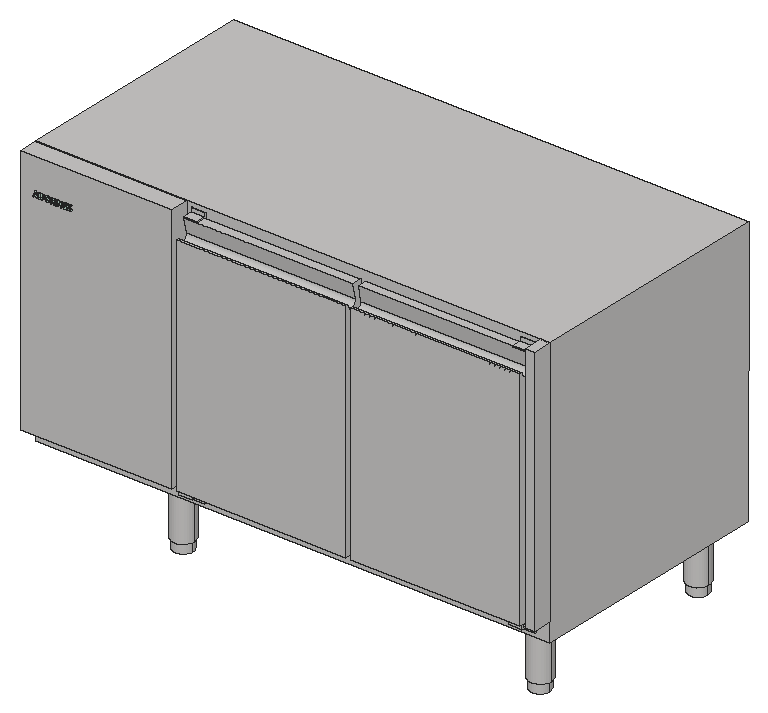
Revit family "QF_ALPENINOX_712195_AK2F7AA", category Specialty Equipment, Revit 2018 (continued)
Definition of nested family "APX_BI_BT_L"
  Automatic sketch dimensions
    Extrusion 4 sketch curve to Extrusion 4 sketch curve = 0.352 mm  (x2)
    Extrusion 4 sketch curve to Extrusion 4 sketch curve = 0.597 mm
    Extrusion 4 sketch curve to Extrusion 4 sketch curve = 2.288 mm  (x2)
    Extrusion 4 sketch curve to Extrusion 4 sketch curve = 0.533 mm  (x4)
    Extrusion 4 sketch curve to Extrusion 4 sketch curve = 0.732 mm
    Extrusion 4 sketch curve to Extrusion 4 sketch curve = 0.14 mm  (x4)
    Extrusion 4 sketch curve to Extrusion 4 sketch curve = 0.075 mm
    Extrusion 4 sketch curve to Extrusion 4 sketch curve = 0.31 mm  (x2)
    Extrusion 4 sketch curve to Extrusion 4 sketch curve = 0.473 mm
    Extrusion 4 sketch curve to Extrusion 4 sketch curve = 0.171 mm
    Extrusion 4 sketch curve to Extrusion 4 sketch curve = 0.674 mm
    Extrusion 4 sketch curve to Extrusion 4 sketch curve = 1.992 mm
    Extrusion 4 sketch curve to Extrusion 4 sketch curve = 5.4 mm
    Extrusion 4 sketch curve to Extrusion 4 sketch curve = 3.473 mm  (x2)
    Extrusion 4 sketch curve to Extrusion 4 sketch curve = 2.32 mm
    Extrusion 4 sketch curve to Extrusion 4 sketch curve = 2.431 mm
    Extrusion 4 sketch curve to Extrusion 4 sketch curve = 1.177 mm
    Extrusion 4 sketch curve to Extrusion 4 sketch curve = 0.966 mm
    Extrusion 4 sketch curve to Extrusion 4 sketch curve = 2.544 mm
    Extrusion 4 sketch curve to Extrusion 4 sketch curve = 0.346 mm
    Extrusion 4 sketch curve to Extrusion 4 sketch curve = 0.037 mm
    Extrusion 4 sketch curve to Extrusion 4 sketch curve = 2.58 mm  (x2)
    Extrusion 4 sketch curve to Extrusion 4 sketch curve = 0.793 mm  (x2)
    Extrusion 4 sketch curve to Extrusion 4 sketch curve = 0.276 mm
    Extrusion 4 sketch curve to Extrusion 4 sketch curve = 3.452 mm  (x2)
    Extrusion 4 sketch curve to Extrusion 4 sketch curve = 1.238 mm
    Extrusion 4 sketch curve to Extrusion 4 sketch curve = 3.023 mm
    Extrusion 4 sketch curve to Extrusion 4 sketch curve = 0.834 mm  (x2)
    Extrusion 4 sketch curve to Extrusion 4 sketch curve = 0.529 mm
    Extrusion 4 sketch curve to Extrusion 4 sketch curve = 0.823 mm  (x2)
    Extrusion 4 sketch curve to Extrusion 4 sketch curve = 0.947 mm
    Extrusion 4 sketch curve to Extrusion 4 sketch curve = 3.837 mm
    Extrusion 4 sketch curve to Extrusion 4 sketch curve = 0.623 mm
    Extrusion 4 sketch curve to Extrusion 4 sketch curve = 1.082 mm
    Extrusion 4 sketch curve to Extrusion 4 sketch curve = 0.801 mm
    Extrusion 4 sketch curve to Extrusion 4 sketch curve = 1 mm
    Extrusion 4 sketch curve to Extrusion 4 sketch curve = 0.089 mm
    Extrusion 4 sketch curve to Extrusion 4 sketch curve = 4.257 mm
    Extrusion 4 sketch curve to Extrusion 4 sketch curve = 4.345 mm  (x2)
    Extrusion 4 sketch curve to Extrusion 4 sketch curve = 2.576 mm
    Extrusion 4 sketch curve to Extrusion 4 sketch curve = 1.385 mm  (x4)
    Extrusion 4 sketch curve to Extrusion 4 sketch curve = 2.133 mm  (x4)
    Extrusion 4 sketch curve to Extrusion 4 sketch curve = 3.518 mm
    Extrusion 4 sketch curve to Extrusion 4 sketch curve = 3.032 mm
    Split face 198 sketch curve to Extrusion 2 = 0 mm  (x2)
    Split face 198 sketch curve to Extrusion 2 = 34 mm
    Split face 198 sketch curve to Extrusion 2 = 104 mm
    Split face 198 sketch curve to Split face 198 sketch curve = 17.5 mm
    Split face 134 sketch curve to Extrusion 2 = 135.544 mm
    Split face 134 sketch curve to Extrusion 2 = 128.176 mm
    Split face 135 sketch curve to Extrusion 2 = 80.544 mm
    Split face 135 sketch curve to Extrusion 2 = 128.176 mm
    Split face 136 sketch curve to Extrusion 2 = 135.544 mm
    Split face 136 sketch curve to Extrusion 2 = 140.176 mm
    Split face 137 sketch curve to Extrusion 2 = 80.544 mm
    Split face 137 sketch curve to Extrusion 2 = 140.176 mm
    Split face 138 sketch curve to Extrusion 2 = 135.544 mm
    Split face 138 sketch curve to Extrusion 2 = 152.176 mm
    Split face 139 sketch curve to Extrusion 2 = 80.544 mm
    Split face 139 sketch curve to Extrusion 2 = 152.176 mm
    Split face 140 sketch curve to Extrusion 2 = 135.544 mm
    Split face 140 sketch curve to Extrusion 2 = 164.176 mm
    Split face 141 sketch curve to Extrusion 2 = 80.544 mm
    Split face 141 sketch curve to Extrusion 2 = 164.176 mm
    Split face 142 sketch curve to Extrusion 2 = 135.544 mm
    Split face 142 sketch curve to Extrusion 2 = 176.176 mm
    Split face 143 sketch curve to Extrusion 2 = 80.544 mm
    Split face 143 sketch curve to Extrusion 2 = 176.176 mm
    Split face 144 sketch curve to Extrusion 2 = 135.544 mm
    Split face 144 sketch curve to Extrusion 2 = 188.176 mm
    Split face 145 sketch curve to Extrusion 2 = 80.544 mm
    Split face 145 sketch curve to Extrusion 2 = 188.176 mm
    Split face 146 sketch curve to Extrusion 2 = 135.544 mm
    Split face 146 sketch curve to Extrusion 2 = 200.176 mm
    Split face 147 sketch curve to Extrusion 2 = 80.544 mm
    Split face 147 sketch curve to Extrusion 2 = 200.176 mm
    Split face 148 sketch curve to Extrusion 2 = 135.544 mm
    Split face 148 sketch curve to Extrusion 2 = 212.176 mm
    Split face 149 sketch curve to Extrusion 2 = 80.544 mm
    Split face 149 sketch curve to Extrusion 2 = 212.176 mm
    Split face 150 sketch curve to Extrusion 2 = 135.544 mm
    Split face 150 sketch curve to Extrusion 2 = 224.176 mm
    Split face 151 sketch curve to Extrusion 2 = 80.544 mm
    Split face 151 sketch curve to Extrusion 2 = 224.176 mm
    Split face 152 sketch curve to Extrusion 2 = 135.544 mm
    Split face 152 sketch curve to Extrusion 2 = 236.176 mm
    Split face 153 sketch curve to Extrusion 2 = 80.544 mm
    Split face 153 sketch curve to Extrusion 2 = 236.176 mm
    Split face 154 sketch curve to Extrusion 2 = 135.544 mm
    Split face 154 sketch curve to Extrusion 2 = 248.176 mm
    Split face 155 sketch curve to Extrusion 2 = 80.544 mm
    Split face 155 sketch curve to Extrusion 2 = 248.176 mm
    Split face 156 sketch curve to Extrusion 2 = 135.544 mm
    Split face 156 sketch curve to Extrusion 2 = 260.176 mm
    Split face 157 sketch curve to Extrusion 2 = 80.544 mm
    Split face 157 sketch curve to Extrusion 2 = 260.176 mm
    Split face 158 sketch curve to Extrusion 2 = 135.544 mm
    Split face 158 sketch curve to Extrusion 2 = 272.176 mm
    Split face 159 sketch curve to Extrusion 2 = 80.544 mm
    Split face 159 sketch curve to Extrusion 2 = 272.176 mm
    Split face 160 sketch curve to Extrusion 2 = 135.544 mm
    Split face 160 sketch curve to Extrusion 2 = 284.176 mm
    Split face 161 sketch curve to Extrusion 2 = 80.544 mm
    Split face 161 sketch curve to Extrusion 2 = 284.176 mm
    Split face 162 sketch curve to Extrusion 2 = 135.544 mm
    Split face 162 sketch curve to Extrusion 2 = 296.176 mm
    Split face 163 sketch curve to Extrusion 2 = 80.544 mm
    Split face 163 sketch curve to Extrusion 2 = 296.176 mm
    Split face 164 sketch curve to Extrusion 2 = 135.544 mm
    Split face 164 sketch curve to Extrusion 2 = 308.176 mm
    Split face 165 sketch curve to Extrusion 2 = 80.544 mm
    Split face 165 sketch curve to Extrusion 2 = 308.176 mm
    Split face 166 sketch curve to Extrusion 2 = 135.544 mm
    Split face 166 sketch curve to Extrusion 2 = 192.174 mm
    Split face 167 sketch curve to Extrusion 2 = 80.544 mm
    Split face 167 sketch curve to Extrusion 2 = 192.174 mm
    Split face 168 sketch curve to Extrusion 2 = 135.544 mm
    Split face 168 sketch curve to Extrusion 2 = 180.174 mm
    Split face 169 sketch curve to Extrusion 2 = 80.544 mm
    Split face 169 sketch curve to Extrusion 2 = 180.174 mm
    Split face 170 sketch curve to Extrusion 2 = 135.544 mm
    Split face 170 sketch curve to Extrusion 2 = 168.174 mm
    Split face 171 sketch curve to Extrusion 2 = 80.544 mm
    Split face 171 sketch curve to Extrusion 2 = 168.174 mm
    Split face 172 sketch curve to Extrusion 2 = 135.544 mm
    Split face 172 sketch curve to Extrusion 2 = 156.174 mm
    Split face 173 sketch curve to Extrusion 2 = 80.544 mm
    Split face 173 sketch curve to Extrusion 2 = 156.174 mm
    Split face 174 sketch curve to Extrusion 2 = 135.544 mm
    Split face 174 sketch curve to Extrusion 2 = 144.174 mm
    Split face 175 sketch curve to Extrusion 2 = 80.544 mm
    Split face 175 sketch curve to Extrusion 2 = 144.174 mm
    Split face 176 sketch curve to Extrusion 2 = 135.544 mm
    Split face 176 sketch curve to Extrusion 2 = 132.174 mm
    Split face 177 sketch curve to Extrusion 2 = 80.544 mm
    Split face 177 sketch curve to Extrusion 2 = 132.174 mm
    Split face 178 sketch curve to Extrusion 2 = 135.544 mm
    Split face 178 sketch curve to Extrusion 2 = 120.174 mm
    Split face 179 sketch curve to Extrusion 2 = 80.544 mm
    Split face 179 sketch curve to Extrusion 2 = 120.174 mm
    Split face 180 sketch curve to Extrusion 2 = 135.544 mm
    Split face 180 sketch curve to Extrusion 2 = 108.174 mm
    Split face 181 sketch curve to Extrusion 2 = 80.544 mm
    Split face 181 sketch curve to Extrusion 2 = 108.174 mm
    Split face 182 sketch curve to Extrusion 2 = 135.544 mm
    Split face 182 sketch curve to Extrusion 2 = 96.174 mm
    Split face 183 sketch curve to Extrusion 2 = 80.544 mm
    Split face 183 sketch curve to Extrusion 2 = 96.174 mm
    Split face 184 sketch curve to Extrusion 2 = 135.544 mm
    Split face 184 sketch curve to Extrusion 2 = 84.174 mm
    Split face 185 sketch curve to Extrusion 2 = 80.544 mm
    Split face 185 sketch curve to Extrusion 2 = 84.174 mm
    Split face 186 sketch curve to Extrusion 2 = 135.544 mm
    Split face 186 sketch curve to Extrusion 2 = 72.174 mm
    Split face 187 sketch curve to Extrusion 2 = 80.544 mm
    Split face 187 sketch curve to Extrusion 2 = 72.174 mm
    Split face 188 sketch curve to Extrusion 2 = 135.544 mm
    Split face 188 sketch curve to Extrusion 2 = 60.174 mm
    Split face 189 sketch curve to Extrusion 2 = 80.544 mm
    Split face 189 sketch curve to Extrusion 2 = 60.174 mm
    Split face 190 sketch curve to Extrusion 2 = 56.174 mm
    Split face 190 sketch curve to Extrusion 2 = 135.544 mm
    Split face 191 sketch curve to Extrusion 2 = 80.544 mm
    Split face 191 sketch curve to Extrusion 2 = 48.174 mm
    Split face 192 sketch curve to Extrusion 2 = 44.174 mm
    Split face 192 sketch curve to Extrusion 2 = 135.544 mm
    Split face 193 sketch curve to Extrusion 2 = 80.544 mm
    Split face 193 sketch curve to Extrusion 2 = 36.174 mm
    Split face 194 sketch curve to Extrusion 2 = 32.174 mm
    Split face 194 sketch curve to Extrusion 2 = 135.544 mm
    Split face 195 sketch curve to Extrusion 2 = 32.174 mm
    Split face 195 sketch curve to Extrusion 2 = 80.544 mm
    Split face 196 sketch curve to Extrusion 2 = 20.174 mm
    Split face 196 sketch curve to Extrusion 2 = 135.544 mm
    Split face 197 sketch curve to Extrusion 2 = 20.174 mm
    Split face 197 sketch curve to Extrusion 2 = 80.544 mm
    Split face 4 sketch curve to Extrusion 2 = 38.456 mm
    Split face 4 sketch curve to Extrusion 2 = 128.176 mm
    Split face 5 sketch curve to Extrusion 2 = 190.544 mm
    Split face 5 sketch curve to Extrusion 2 = 128.176 mm
    Split face 6 sketch curve to Extrusion 2 = 93.456 mm
    Split face 6 sketch curve to Extrusion 2 = 128.176 mm
    Split face 7 sketch curve to Extrusion 2 = 148.456 mm
    Split face 7 sketch curve to Extrusion 2 = 128.176 mm
    Split face 9 sketch curve to Extrusion 2 = 38.456 mm
    Split face 9 sketch curve to Extrusion 2 = 140.176 mm
    Split face 10 sketch curve to Extrusion 2 = 190.544 mm
    Split face 10 sketch curve to Extrusion 2 = 140.176 mm
    Split face 11 sketch curve to Extrusion 2 = 93.456 mm
    Split face 11 sketch curve to Extrusion 2 = 140.176 mm
    Split face 12 sketch curve to Extrusion 2 = 148.456 mm
    Split face 12 sketch curve to Extrusion 2 = 140.176 mm
    Split face 13 sketch curve to Extrusion 2 = 38.456 mm
    Split face 13 sketch curve to Extrusion 2 = 152.176 mm
    Split face 14 sketch curve to Extrusion 2 = 190.544 mm
    Split face 14 sketch curve to Extrusion 2 = 152.176 mm
    Split face 15 sketch curve to Extrusion 2 = 93.456 mm
    Split face 15 sketch curve to Extrusion 2 = 152.176 mm
    Split face 16 sketch curve to Extrusion 2 = 148.456 mm
    Split face 16 sketch curve to Extrusion 2 = 152.176 mm
    Split face 17 sketch curve to Extrusion 2 = 38.456 mm
    Split face 17 sketch curve to Extrusion 2 = 164.176 mm
    Split face 18 sketch curve to Extrusion 2 = 190.544 mm
    Split face 18 sketch curve to Extrusion 2 = 164.176 mm
    Split face 19 sketch curve to Extrusion 2 = 93.456 mm
    Split face 19 sketch curve to Extrusion 2 = 164.176 mm
    Split face 20 sketch curve to Extrusion 2 = 148.456 mm
    Split face 20 sketch curve to Extrusion 2 = 164.176 mm
    Split face 21 sketch curve to Extrusion 2 = 38.456 mm
    Split face 21 sketch curve to Extrusion 2 = 176.176 mm
    Split face 22 sketch curve to Extrusion 2 = 190.544 mm
    Split face 22 sketch curve to Extrusion 2 = 176.176 mm
    Split face 23 sketch curve to Extrusion 2 = 93.456 mm
    Split face 23 sketch curve to Extrusion 2 = 176.176 mm
    Split face 24 sketch curve to Extrusion 2 = 148.456 mm
    Split face 24 sketch curve to Extrusion 2 = 176.176 mm
    Split face 25 sketch curve to Extrusion 2 = 38.456 mm
    Split face 25 sketch curve to Extrusion 2 = 188.176 mm
    Split face 26 sketch curve to Extrusion 2 = 190.544 mm
    Split face 26 sketch curve to Extrusion 2 = 188.176 mm
    Split face 27 sketch curve to Extrusion 2 = 93.456 mm
    Split face 27 sketch curve to Extrusion 2 = 188.176 mm
    Split face 28 sketch curve to Extrusion 2 = 148.456 mm
    Split face 28 sketch curve to Extrusion 2 = 188.176 mm
    Split face 29 sketch curve to Extrusion 2 = 38.456 mm
    Split face 29 sketch curve to Extrusion 2 = 200.176 mm
    Split face 30 sketch curve to Extrusion 2 = 190.544 mm
    Split face 30 sketch curve to Extrusion 2 = 200.176 mm
    Split face 31 sketch curve to Extrusion 2 = 93.456 mm
    Split face 31 sketch curve to Extrusion 2 = 200.176 mm
    Split face 32 sketch curve to Extrusion 2 = 148.456 mm
    Split face 32 sketch curve to Extrusion 2 = 200.176 mm
    Split face 33 sketch curve to Extrusion 2 = 38.456 mm
    Split face 33 sketch curve to Extrusion 2 = 212.176 mm
    Split face 34 sketch curve to Extrusion 2 = 190.544 mm
    Split face 34 sketch curve to Extrusion 2 = 212.176 mm
    Split face 35 sketch curve to Extrusion 2 = 93.456 mm
    Split face 35 sketch curve to Extrusion 2 = 212.176 mm
    Split face 36 sketch curve to Extrusion 2 = 148.456 mm
    Split face 36 sketch curve to Extrusion 2 = 212.176 mm
    Split face 37 sketch curve to Extrusion 2 = 38.456 mm
    Split face 37 sketch curve to Extrusion 2 = 224.176 mm
    Split face 38 sketch curve to Extrusion 2 = 190.544 mm
    Split face 38 sketch curve to Extrusion 2 = 224.176 mm
    Split face 39 sketch curve to Extrusion 2 = 93.456 mm
    Split face 39 sketch curve to Extrusion 2 = 224.176 mm
    Split face 40 sketch curve to Extrusion 2 = 148.456 mm
    Split face 40 sketch curve to Extrusion 2 = 224.176 mm
    Split face 41 sketch curve to Extrusion 2 = 38.456 mm
    Split face 41 sketch curve to Extrusion 2 = 236.176 mm
    Split face 42 sketch curve to Extrusion 2 = 190.544 mm
    Split face 42 sketch curve to Extrusion 2 = 236.176 mm
    Split face 43 sketch curve to Extrusion 2 = 93.456 mm
    Split face 43 sketch curve to Extrusion 2 = 236.176 mm
    Split face 44 sketch curve to Extrusion 2 = 148.456 mm
    Split face 44 sketch curve to Extrusion 2 = 236.176 mm
    Split face 45 sketch curve to Extrusion 2 = 38.456 mm
    Split face 45 sketch curve to Extrusion 2 = 248.176 mm
    Split face 46 sketch curve to Extrusion 2 = 190.544 mm
    Split face 46 sketch curve to Extrusion 2 = 248.176 mm
    Split face 47 sketch curve to Extrusion 2 = 93.456 mm
    Split face 47 sketch curve to Extrusion 2 = 248.176 mm
    Split face 48 sketch curve to Extrusion 2 = 148.456 mm
    Split face 48 sketch curve to Extrusion 2 = 248.176 mm
    Split face 49 sketch curve to Extrusion 2 = 38.456 mm
    Split face 49 sketch curve to Extrusion 2 = 260.176 mm
    Split face 50 sketch curve to Extrusion 2 = 190.544 mm
    Split face 50 sketch curve to Extrusion 2 = 260.176 mm
    Split face 51 sketch curve to Extrusion 2 = 93.456 mm
    Split face 51 sketch curve to Extrusion 2 = 260.176 mm
    Split face 52 sketch curve to Extrusion 2 = 148.456 mm
    Split face 52 sketch curve to Extrusion 2 = 260.176 mm
    Split face 53 sketch curve to Extrusion 2 = 38.456 mm
    Split face 53 sketch curve to Extrusion 2 = 272.176 mm
    Split face 54 sketch curve to Extrusion 2 = 190.544 mm
    Split face 54 sketch curve to Extrusion 2 = 272.176 mm
    Split face 55 sketch curve to Extrusion 2 = 93.456 mm
    Split face 55 sketch curve to Extrusion 2 = 272.176 mm
    Split face 56 sketch curve to Extrusion 2 = 148.456 mm
    Split face 56 sketch curve to Extrusion 2 = 272.176 mm
    Split face 57 sketch curve to Extrusion 2 = 38.456 mm
    Split face 57 sketch curve to Extrusion 2 = 284.176 mm
    Split face 58 sketch curve to Extrusion 2 = 190.544 mm
    Split face 58 sketch curve to Extrusion 2 = 284.176 mm
    Split face 59 sketch curve to Extrusion 2 = 93.456 mm
    Split face 59 sketch curve to Extrusion 2 = 284.176 mm
    Split face 60 sketch curve to Extrusion 2 = 148.456 mm
    Split face 60 sketch curve to Extrusion 2 = 284.176 mm
    Split face 61 sketch curve to Extrusion 2 = 38.456 mm
    Split face 61 sketch curve to Extrusion 2 = 296.176 mm
    Split face 62 sketch curve to Extrusion 2 = 190.544 mm
    Split face 62 sketch curve to Extrusion 2 = 296.176 mm
    Split face 63 sketch curve to Extrusion 2 = 93.456 mm
    Split face 63 sketch curve to Extrusion 2 = 296.176 mm
    Split face 64 sketch curve to Extrusion 2 = 148.456 mm
    Split face 64 sketch curve to Extrusion 2 = 296.176 mm
    Split face 65 sketch curve to Extrusion 2 = 38.456 mm
    Split face 65 sketch curve to Extrusion 2 = 308.176 mm
    Split face 66 sketch curve to Extrusion 2 = 190.544 mm
    Split face 66 sketch curve to Extrusion 2 = 308.176 mm
    Split face 67 sketch curve to Extrusion 2 = 93.456 mm
    Split face 67 sketch curve to Extrusion 2 = 308.176 mm
    Split face 68 sketch curve to Extrusion 2 = 148.456 mm
    Split face 68 sketch curve to Extrusion 2 = 308.176 mm
    Split face 70 sketch curve to Extrusion 2 = 38.456 mm
    Split face 70 sketch curve to Extrusion 2 = 192.174 mm
    Split face 71 sketch curve to Extrusion 2 = 190.544 mm
    Split face 71 sketch curve to Extrusion 2 = 192.174 mm
    Split face 72 sketch curve to Extrusion 2 = 93.456 mm
    Split face 72 sketch curve to Extrusion 2 = 192.174 mm
    Split face 73 sketch curve to Extrusion 2 = 148.456 mm
    Split face 73 sketch curve to Extrusion 2 = 192.174 mm
    Split face 74 sketch curve to Extrusion 2 = 38.456 mm
    Split face 74 sketch curve to Extrusion 2 = 180.174 mm
    Split face 75 sketch curve to Extrusion 2 = 190.544 mm
    Split face 75 sketch curve to Extrusion 2 = 180.174 mm
    Split face 76 sketch curve to Extrusion 2 = 93.456 mm
    Split face 76 sketch curve to Extrusion 2 = 180.174 mm
    Split face 77 sketch curve to Extrusion 2 = 148.456 mm
    Split face 77 sketch curve to Extrusion 2 = 180.174 mm
    Split face 78 sketch curve to Extrusion 2 = 38.456 mm
    Split face 78 sketch curve to Extrusion 2 = 168.174 mm
    Split face 79 sketch curve to Extrusion 2 = 190.544 mm
    Split face 79 sketch curve to Extrusion 2 = 168.174 mm
    Split face 80 sketch curve to Extrusion 2 = 93.456 mm
    Split face 80 sketch curve to Extrusion 2 = 168.174 mm
    Split face 81 sketch curve to Extrusion 2 = 148.456 mm
    Split face 81 sketch curve to Extrusion 2 = 168.174 mm
    Split face 82 sketch curve to Extrusion 2 = 38.456 mm
    Split face 82 sketch curve to Extrusion 2 = 156.174 mm
    Split face 83 sketch curve to Extrusion 2 = 190.544 mm
    Split face 83 sketch curve to Extrusion 2 = 156.174 mm
    Split face 84 sketch curve to Extrusion 2 = 93.456 mm
    Split face 84 sketch curve to Extrusion 2 = 156.174 mm
    Split face 85 sketch curve to Extrusion 2 = 148.456 mm
    Split face 85 sketch curve to Extrusion 2 = 156.174 mm
    Split face 86 sketch curve to Extrusion 2 = 38.456 mm
    Split face 86 sketch curve to Extrusion 2 = 144.174 mm
    Split face 87 sketch curve to Extrusion 2 = 190.544 mm
    Split face 87 sketch curve to Extrusion 2 = 144.174 mm
    Split face 88 sketch curve to Extrusion 2 = 93.456 mm
    Split face 88 sketch curve to Extrusion 2 = 144.174 mm
    Split face 89 sketch curve to Extrusion 2 = 148.456 mm
    Split face 89 sketch curve to Extrusion 2 = 144.174 mm
    Split face 90 sketch curve to Extrusion 2 = 38.456 mm
    Split face 90 sketch curve to Extrusion 2 = 132.174 mm
    Split face 91 sketch curve to Extrusion 2 = 190.544 mm
    Split face 91 sketch curve to Extrusion 2 = 132.174 mm
    Split face 92 sketch curve to Extrusion 2 = 93.456 mm
    Split face 92 sketch curve to Extrusion 2 = 132.174 mm
    Split face 93 sketch curve to Extrusion 2 = 148.456 mm
    Split face 93 sketch curve to Extrusion 2 = 132.174 mm
    Split face 94 sketch curve to Extrusion 2 = 38.456 mm
    Split face 94 sketch curve to Extrusion 2 = 120.174 mm
    Split face 95 sketch curve to Extrusion 2 = 190.544 mm
    Split face 95 sketch curve to Extrusion 2 = 120.174 mm
    Split face 96 sketch curve to Extrusion 2 = 93.456 mm
    Split face 96 sketch curve to Extrusion 2 = 120.174 mm
    Split face 97 sketch curve to Extrusion 2 = 148.456 mm
    Split face 97 sketch curve to Extrusion 2 = 120.174 mm
    Split face 98 sketch curve to Extrusion 2 = 38.456 mm
    Split face 98 sketch curve to Extrusion 2 = 108.174 mm
    Split face 99 sketch curve to Extrusion 2 = 190.544 mm
    Split face 99 sketch curve to Extrusion 2 = 108.174 mm
    Split face 100 sketch curve to Extrusion 2 = 93.456 mm
    Split face 100 sketch curve to Extrusion 2 = 108.174 mm
    Split face 101 sketch curve to Extrusion 2 = 148.456 mm
    Split face 101 sketch curve to Extrusion 2 = 108.174 mm
    Split face 102 sketch curve to Extrusion 2 = 38.456 mm
    Split face 102 sketch curve to Extrusion 2 = 96.174 mm
    Split face 103 sketch curve to Extrusion 2 = 190.544 mm
    Split face 103 sketch curve to Extrusion 2 = 96.174 mm
    Split face 104 sketch curve to Extrusion 2 = 93.456 mm
    Split face 104 sketch curve to Extrusion 2 = 96.174 mm
    Split face 105 sketch curve to Extrusion 2 = 148.456 mm
    Split face 105 sketch curve to Extrusion 2 = 96.174 mm
    Split face 106 sketch curve to Extrusion 2 = 38.456 mm
    Split face 106 sketch curve to Extrusion 2 = 84.174 mm
    Split face 107 sketch curve to Extrusion 2 = 92.174 mm
    Split face 107 sketch curve to Extrusion 2 = 190.544 mm
    Split face 108 sketch curve to Extrusion 2 = 93.456 mm
    Split face 108 sketch curve to Extrusion 2 = 84.174 mm
    Split face 109 sketch curve to Extrusion 2 = 148.456 mm
    Split face 109 sketch curve to Extrusion 2 = 84.174 mm
    Split face 110 sketch curve to Extrusion 2 = 38.456 mm
    Split face 110 sketch curve to Extrusion 2 = 72.174 mm
    Split face 111 sketch curve to Extrusion 2 = 80.174 mm
    Split face 111 sketch curve to Extrusion 2 = 190.544 mm
    Split face 112 sketch curve to Extrusion 2 = 93.456 mm
    Split face 112 sketch curve to Extrusion 2 = 72.174 mm
    Split face 113 sketch curve to Extrusion 2 = 148.456 mm
    Split face 113 sketch curve to Extrusion 2 = 72.174 mm
    Split face 114 sketch curve to Extrusion 2 = 38.456 mm
    Split face 114 sketch curve to Extrusion 2 = 60.174 mm
    Split face 115 sketch curve to Extrusion 2 = 68.174 mm
    Split face 115 sketch curve to Extrusion 2 = 190.544 mm
    Split face 116 sketch curve to Extrusion 2 = 93.456 mm
    Split face 116 sketch curve to Extrusion 2 = 60.174 mm
    Split face 117 sketch curve to Extrusion 2 = 68.174 mm
    Split face 117 sketch curve to Extrusion 2 = 148.456 mm
    Split face 118 sketch curve to Extrusion 2 = 38.456 mm
    Split face 118 sketch curve to Extrusion 2 = 48.174 mm
    Split face 119 sketch curve to Extrusion 2 = 56.174 mm
    Split face 119 sketch curve to Extrusion 2 = 190.544 mm
    Split face 120 sketch curve to Extrusion 2 = 93.456 mm
    Split face 120 sketch curve to Extrusion 2 = 48.174 mm
    Split face 121 sketch curve to Extrusion 2 = 56.174 mm
    Split face 121 sketch curve to Extrusion 2 = 148.456 mm
    Split face 122 sketch curve to Extrusion 2 = 38.456 mm
    Split face 122 sketch curve to Extrusion 2 = 36.174 mm
    Split face 123 sketch curve to Extrusion 2 = 44.174 mm
    Split face 123 sketch curve to Extrusion 2 = 190.544 mm
    Split face 124 sketch curve to Extrusion 2 = 44.174 mm
    Split face 124 sketch curve to Extrusion 2 = 93.456 mm
    Split face 125 sketch curve to Extrusion 2 = 44.174 mm
    Split face 125 sketch curve to Extrusion 2 = 148.456 mm
    Split face 126 sketch curve to Extrusion 2 = 38.456 mm
    Split face 126 sketch curve to Extrusion 2 = 24.174 mm
    Split face 127 sketch curve to Extrusion 2 = 32.174 mm
    Split face 127 sketch curve to Extrusion 2 = 190.544 mm
    Split face 128 sketch curve to Extrusion 2 = 32.174 mm
    Split face 128 sketch curve to Extrusion 2 = 93.456 mm
    Split face 129 sketch curve to Extrusion 2 = 32.174 mm
    Split face 129 sketch curve to Extrusion 2 = 148.456 mm
    Split face 130 sketch curve to Extrusion 2 = 38.456 mm
    Split face 130 sketch curve to Extrusion 2 = 12.174 mm
    Split face 131 sketch curve to Extrusion 2 = 20.174 mm
    Split face 131 sketch curve to Extrusion 2 = 190.544 mm
    Split face 132 sketch curve to Extrusion 2 = 20.174 mm
    Split face 132 sketch curve to Extrusion 2 = 93.456 mm
    Split face 133 sketch curve to Extrusion 2 = 20.174 mm
    Split face 133 sketch curve to Extrusion 2 = 148.456 mm
    curve 1 to level = 0 mm
    curve 1 to plane 5 = 0 mm
    curve 1 to curve 1 = 50 mm
Definition of nested family "APX_SD_L"
  Parameters
    Show Clearance [instance] = yes
    Default Elevation = 1219.2 mm
  Reference planes
    plane 1 "Center (Front/Back)": y = 0
    plane 2: z = 0
    plane 3 "Center (Left/Right)": x = 0
    plane 4: x = -234
    plane 5: x = 234
  Forms (mm)
    Extrusion 1, solid
      sketch origin (0, 0, 0) x (1, 0, 0) y (0, 1, 0)
        loop
          line (-1219.2, 1219.2) -> (-1219.2, -1219.2) -> (1219.2, -1219.2) -> (1219.2, 1219.2) -> (-1219.2, 1219.2)
      from 0 to -304.8
    Extrusion 2, solid
      sketch origin (0, 0, -3) x (0, 1, 0) y (0, 0, 1)
        loop
          line (-314, 53) -> (-314, 3) -> (314, 3) -> (314, 29) -> (274.395, 20)
          arc (274.395, 20) -> (260.396, 33.803) -> (274, 47.994) r 14
          line (274, 47.994) -> (274, 53) -> (-314, 53)
      from -220 to 220
    Extrusion 3, solid
      sketch origin (0, 0, 0) x (0, 1, 0) y (0, 0, -1)
        loop
          line (-323.003, -40.312) -> (-323.003, -12.259) -> (-323.003, 0) -> (-351.511, 0) -> (-351.511, -2.5) -> (-325.503, -2.5) -> (-325.503, -42.812) -> (-316.501, -42.812) -> (-316.501, -40.312) -> (-323.003, -40.312)
        loop
          line (-314, -38.311) -> (-314, -11.804) -> (-319.752, -11.804) -> (-319.752, -14.304) -> (-316.501, -14.304) -> (-316.501, -38.311) -> (-314, -38.311)
        loop
          line (315.003, -27.948) -> (317.503, -27.948) -> (317.503, -2.5) -> (327.503, -2.5) -> (327.503, 0) -> (315.003, 0) -> (315.003, -2.948) -> (315.003, -27.948)
      from 185 to 220
    Extrusion 4, solid, visible <- "Show Clearance", detail levels coarse
      sketch origin (0, 0, -3) x (-1, 0, 0) y (0, 0, -1)
        loop
          line (220, -53) -> (-220, -53)
          arc (-220, -53) -> (-79.636, -340.04) -> (220, -451) r 430
          line (220, -451) -> (220, -53)
      from -314 to 314
  Lines and regions (mm)
    symbolic lines
      curve 1: arc (219.599, 0, 55) -> (95.934, 0, 321.503) -> (-170, 0, 446.39) r 430
      curve 2: line (-220, 0, 55) -> (-220, 0, 448)
      curve 3: line (-170, 0, 55) -> (-170, 0, 448)
      curve 4: line (-220, 0, 448) -> (-170, 0, 448)
  Dimensions and locks
    plane 4 to plane 3 "Center (Left/Right)" to plane 5 = 234 mm locked, 234 mm locked
    aligned and locked: plane 2 to Extrusion 1
    aligned and locked: level to Extrusion 1
Definition of nested family "APX_SD_R"
  Parameters
    Show Clearance [instance] = yes
    Default Elevation = 1219.2 mm
  Reference planes
    plane 1 "Center (Front/Back)": y = 0
    plane 2: z = 0
    plane 3 "Center (Left/Right)": x = 0
    plane 4: x = -234
    plane 5: x = 234
  Forms (mm)
    Extrusion 1, solid
      sketch origin (0, 0, 0) x (1, 0, 0) y (0, 1, 0)
        loop
          line (-1219.2, 1219.2) -> (-1219.2, -1219.2) -> (1219.2, -1219.2) -> (1219.2, 1219.2) -> (-1219.2, 1219.2)
      from 0 to -304.8
    Extrusion 2, solid
      sketch origin (0, 0, -3) x (0, 1, 0) y (0, 0, -1)
        loop
          line (-314, -53) -> (274, -53) -> (274, -47.994)
          arc (274, -47.994) -> (260.396, -33.803) -> (274.395, -20) r 14
          line (274.395, -20) -> (314, -29) -> (314, -3) -> (-314, -3) -> (-314, -53)
      from -220 to 220
    Extrusion 3, solid
      sketch origin (0, 0, 0) x (0, 1, 0) y (0, 0, 1)
        loop
          line (-323.003, 40.312) -> (-316.501, 40.312) -> (-316.501, 42.812) -> (-325.503, 42.812) -> (-325.503, 2.5) -> (-351.511, 2.5) -> (-351.511, 0) -> (-323.003, 0) -> (-323.003, 12.259) -> (-323.003, 40.312)
        loop
          line (-314, 38.311) -> (-316.501, 38.311) -> (-316.501, 14.304) -> (-319.752, 14.304) -> (-319.752, 11.804) -> (-314, 11.804) -> (-314, 38.311)
        loop
          line (315.003, 27.948) -> (315.003, 2.948) -> (315.003, 0) -> (327.503, 0) -> (327.503, 2.5) -> (317.503, 2.5) -> (317.503, 27.948) -> (315.003, 27.948)
      from 185 to 220
    Extrusion 4, solid, visible <- "Show Clearance", detail levels coarse
      sketch origin (0, 0, -3) x (1, 0, 0) y (0, 0, 1)
        loop
          line (220, 53) -> (220, 451)
          arc (220, 451) -> (-79.636, 340.04) -> (-220, 53) r 430
          line (-220, 53) -> (220, 53)
      from -314 to 314
  Lines and regions (mm)
    symbolic lines
      curve 1: arc (-219.599, 0, 55) -> (-95.934, 0, 321.503) -> (170, 0, 446.39) r 430
      curve 2: line (220, 0, 55) -> (220, 0, 448)
      curve 3: line (170, 0, 55) -> (170, 0, 448)
      curve 4: line (220, 0, 448) -> (170, 0, 448)
  Dimensions and locks
    plane 4 to plane 3 "Center (Left/Right)" to plane 5 = 234 mm locked, 234 mm locked
    aligned and locked: plane 2 to Extrusion 1
    aligned and locked: level to Extrusion 1
Definition of nested family "Freezer"
  Reference planes
    plane 1 "Center (Front/Back)": y = 0
    plane 2: z = 0
    plane 3 "Center (Left/Right)": x = 0
  Lines and regions (mm)
    detail lines, in view "Ref. Level"
      curve 1: spline (-500, 190, 0) -> (-493.185, 166.706, 0) -> (-473.205, 145, 0) -> (-441.421, 126.36, 0) -> (-400, 112.058, 0) -> (-351.764, 103.067, 0) -> (-300, 100, 0) -> (-248.236, 103.067, 0) -> (-200, 112.058, 0) -> (-158.579, 126.36, 0) -> (-126.795, 145, 0) -> (-106.815, 166.706, 0) -> (-100, 190, 0) -> (-106.815, 213.294, 0) -> (-126.795, 235, 0) -> (-158.579, 253.64, 0) -> (-200, 267.942, 0) -> (-248.236, 276.933, 0) -> (-300, 280, 0) -> (-351.764, 276.933, 0) -> (-400, 267.942, 0) -> (-441.421, 253.64, 0) -> (-473.205, 235, 0) -> (-493.185, 213.294, 0) -> (-500, 190, 0)
      curve 2: line (-220, 130, 0) -> (-220, 250, 0)
      curve 3: line (-271.962, 220, 0) -> (-168.038, 160, 0)
      curve 4: line (-271.962, 160, 0) -> (-168.038, 220, 0)
      curve 5: line (-200.884, 246.873, 0) -> (-220, 225, 0)
      curve 6: line (-220, 225, 0) -> (-239.116, 246.873, 0)
      curve 7: line (-250.311, 207.5, 0) -> (-260, 235.883, 0)
      curve 8: line (-279.736, 201.7, 0) -> (-250.311, 207.5, 0)
      curve 9: line (-250.311, 172.5, 0) -> (-279.736, 178.3, 0)
      curve 10: line (-260, 144.117, 0) -> (-250.311, 172.5, 0)
      curve 11: line (-220, 155, 0) -> (-239.116, 133.127, 0)
      curve 12: line (-200.884, 133.127, 0) -> (-220, 155, 0)
      curve 13: line (-189.689, 172.5, 0) -> (-180.304, 145.008, 0)
      curve 14: line (-161.188, 178.118, 0) -> (-189.689, 172.5, 0)
      curve 15: line (-189.689, 207.5, 0) -> (-161.188, 201.882, 0)
      curve 16: line (-180.304, 234.992, 0) -> (-189.689, 207.5, 0)
      curve 17: line (-380, 130, 0) -> (-380, 250, 0)
      curve 18: line (-431.962, 220, 0) -> (-328.038, 160, 0)
      curve 19: line (-431.962, 160, 0) -> (-328.038, 220, 0)
      curve 20: line (-360.884, 246.873, 0) -> (-380, 225, 0)
      curve 21: line (-380, 225, 0) -> (-399.116, 246.873, 0)
      curve 22: line (-410.311, 207.5, 0) -> (-419.696, 234.992, 0)
      curve 23: line (-438.812, 201.882, 0) -> (-410.311, 207.5, 0)
      curve 24: line (-410.311, 172.5, 0) -> (-438.812, 178.118, 0)
      curve 25: line (-419.696, 145.008, 0) -> (-410.311, 172.5, 0)
      curve 26: line (-380, 155, 0) -> (-399.116, 133.127, 0)
      curve 27: line (-360.884, 133.127, 0) -> (-380, 155, 0)
      curve 28: line (-349.689, 172.5, 0) -> (-340, 144.117, 0)
      curve 29: line (-320.264, 178.3, 0) -> (-349.689, 172.5, 0)
      curve 30: line (-349.689, 207.5, 0) -> (-320.264, 201.7, 0)
      curve 31: line (-340, 235.883, 0) -> (-349.689, 207.5, 0)
